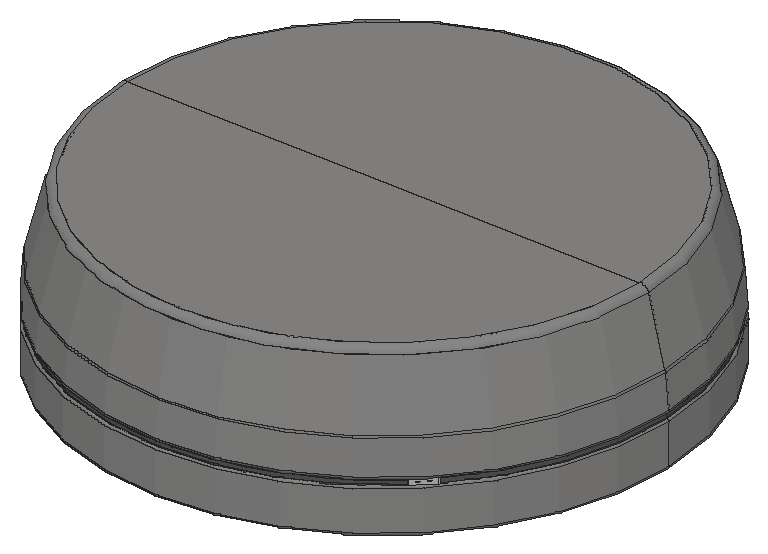
Revit family "Seating-Large_CAL133-Teknion-STBCJ_With_USB_Qui-R2014", category Furniture, Revit 2014
Parameters (values of type "Large With USB")
  Width = 60.000"
  Warranty = "http://www.teknionstudio.com/pdfs/Teknion%20Studio%20Warranty.pdf"
  Voltage = 125 V
  Unit Weight = 255.00 lbf  # constant formula
  URL = "www.teknionstudio.com"
  Top Upholstery Finish [instance] = Fabric - Teknion - F206 - Full Wool - Fantasme
  Thread Finish [instance] = Thread - Teknion - Silver
  Series = "Studio"
  Product Line = "Qui"
  Product Documentation Link = "http://www.teknionstudio.com/pricing/STBCJ_ppg.pdf"
  Power Factor = 1
  Part Number = "STBCJ"
  Number of Poles = 1
  No Casters = no
  Model = "STBCJ5"
  Mid Upholstery Finish [instance] = Fabric - Teknion - F212 - Full Wool - Ink
  Manufacturer Phone = "919-464-2920"
  Manufacturer Fax = "919-464-2927"
  Manufacturer Email = "customersupport@teknionstudio.com"
  Manufacturer Address = "3941 US 70 Business HWY West, Clayton, NC 27520"
  Manufacturer = "StudioTK"  # constant formula
  Low Emitting Material = yes
  Low Emitting Finish = yes
  Height = 17.3001"
  Designation = "CAL 133"  # constant formula
  Description = "Qui Large Ottoman - CAL 133 - Upholstered Mid Panel, w/USB Power - 60\"dia x 18\"h / 152cm x 46cm"
  Depth = 60.000"
  Connector Description = "Power Connector"
  Base Upholstery Finish [instance] = Fabric - Teknion - F206 - Full Wool - Fantasme
  Assembly Code = "E2020200"
  Apparent Load [instance] = 1250 VA
Reference planes (in)
  plane 1 "Center F/B": y = 0
  plane 2: z = 0
  plane 3 "Center L/R": x = 0
  plane 4 "Left": x = -30
  plane 5 "Right": x = 30
  plane 6 "Back": y = 30
  plane 7 "Front": y = -30
  plane 8 "Top": z = 17.3001
  plane 9 "Mid Top": z = 5.99
  plane 10 "Mid Bottom": z = 5.4351
  plane 11 "Casters Top": z = 2.6851
  plane 12 "Bottom": z = 0.75
  plane 13: y = -10.5
  plane 14: through (0, 0, 48) normal (-0.5, 0.866, 0)
  plane 15: through (0, 0, 48) normal (0.5, 0.866, 0)
  plane 16 "Wheel Mid Plane": z = 1.19
  plane 17 "Thread 2": z = 16.6501
  plane 18 "Thread 3": x = -0.325
  plane 19 "Thread 4": x = 0.325
  plane 20: x = -3.725
  plane 21: x = 3.725
  plane 22: z = 5.61
  plane 23: z = 5.81
Forms (in)
  Revolve 1, solid, material "Fabric - Teknion - F206 - Full Wool - Fantasme" <- "Base Upholstery Finish"
    sketch origin (0, 0, 0) x (1, 0, 0) y (0, 0, 1)
      loop
        line (0, 5.4351) -> (-29.75, 5.4351)
        arc (-29.75, 5.4351) -> (-29.92678, 5.36188) -> (-30, 5.1851) r 0.25
        line (-30, 5.1851) -> (-30, 1)
        arc (-30, 1) -> (-29.92678, 0.82322) -> (-29.75, 0.75) r 0.25
        line (-29.75, 0.75) -> (0, 0.75) -> (0, 5.4351)
      axis (0, 5.4351) -> (0, 0.75)
    angle from 0 to 360
  Revolve 2, solid, material "Fabric - Teknion - F212 - Full Wool - Ink" <- "Mid Upholstery Finish"
    sketch origin (0, 0, 0) x (1, 0, 0) y (0, 0, 1)
      loop
        arc (-29.65, 6.0501) -> (-29.72071, 6.02081) -> (-29.75, 5.9501) r 0.1
        line (-29.75, 5.9501) -> (-29.75, 5.47013)
        arc (-29.75, 5.47013) -> (-29.72067, 5.39933) -> (-29.64987, 5.37) r 0.10013
        line (-29.64987, 5.37) -> (0, 5.37) -> (0, 6.0501) -> (-29.65, 6.0501)
      axis (0, 6.0501) -> (0, 5.37)
    angle from 0 to 360
  Revolve 3, solid, material "Fabric - Teknion - F206 - Full Wool - Fantasme" <- "Top Upholstery Finish"
    sketch origin (0, 0, 0) x (1, 0, 0) y (0, 0, 1)
      loop
        line (0, 17.3001) -> (0, 5.99) -> (29.73328, 5.99)
        arc (29.73328, 5.99) -> (29.9176, 6.0711) -> (29.98233, 6.26179) r 0.25
        line (29.98233, 6.26179) -> (29.67651, 9.75731)
        arc (29.67651, 9.75731) -> (29.66114, 9.87407) -> (29.63565, 9.98906) r 1.35
        line (29.63565, 9.98906) -> (27.8554, 16.63304)
        arc (27.8554, 16.63304) -> (27.53395, 17.11412) -> (26.98607, 17.3001) r 0.9
        line (26.98607, 17.3001) -> (0, 17.3001)
      axis (0, 5.99) -> (0, 17.3001)
    angle from 0 to 360
  Revolve 4, solid, material "Plastic - Teknion - E - Ebony"
    sketch origin (0, -16.9, 0) x (0, 1, 0) y (0, 0, 1)
      loop
        line (-10.5, 0) -> (-10.5, 0.75) -> (-11, 0.75) -> (-10.89982, 0) -> (-10.5, 0)
      axis (-10.5, 0) -> (-10.5, 0.75)
    angle from 0 to 360
  Revolve 5, solid, material "Plastic - Teknion - E - Ebony"
    sketch origin (-14.63583, -8.45, 0) x (0.866025, 0.5, 0) y (0, 0, 1)
      loop
        line (-10.5, 0) -> (-10.5, 0.75) -> (-11, 0.75) -> (-10.89982, 0) -> (-10.5, 0)
      axis (-10.5, 0) -> (-10.5, 0.75)
    angle from 0 to 360
  Revolve 6, solid, material "Plastic - Teknion - E - Ebony"
    sketch origin (-14.63583, 8.45, 0) x (0.866025, -0.5, 0) y (0, 0, 1)
      loop
        line (-10.5, 0) -> (-10.5, 0.75) -> (-11, 0.75) -> (-10.89982, 0) -> (-10.5, 0)
      axis (-10.5, 0) -> (-10.5, 0.75)
    angle from 0 to 360
  Revolve 7, solid, material "Plastic - Teknion - E - Ebony"
    sketch origin (0, 16.9, 0) x (0, -1, 0) y (0, 0, 1)
      loop
        line (-10.5, 0) -> (-10.5, 0.75) -> (-11, 0.75) -> (-10.89982, 0) -> (-10.5, 0)
      axis (-10.5, 0) -> (-10.5, 0.75)
    angle from 0 to 360
  Revolve 8, solid, material "Plastic - Teknion - E - Ebony"
    sketch origin (14.63583, 8.45, 0) x (-0.866025, -0.5, 0) y (0, 0, 1)
      loop
        line (-10.5, 0) -> (-10.5, 0.75) -> (-11, 0.75) -> (-10.89982, 0) -> (-10.5, 0)
      axis (-10.5, 0) -> (-10.5, 0.75)
    angle from 0 to 360
  Revolve 9, solid, material "Plastic - Teknion - E - Ebony"
    sketch origin (14.63583, -8.45, 0) x (-0.866025, 0.5, 0) y (0, 0, 1)
      loop
        line (-10.5, 0) -> (-10.5, 0.75) -> (-11, 0.75) -> (-10.89982, 0) -> (-10.5, 0)
      axis (-10.5, 0) -> (-10.5, 0.75)
    angle from 0 to 360
  Sweep 10, void
    path origin (0, 0, 0) x (1, 0, 0) y (0, 0, 1)
      loop
        line (0, 10) -> (0, 0)
    profile origin (0, 0, 5) x (0, -1, 0) y (1, 0, 0)
      loop
        arc (-23.58894, -21.62318) -> (-22.62742, -22.62742) -> (-21.62318, -23.58894) r 32
        line (-21.62318, -23.58894) -> (-15.78212, -17.74788)
        arc (-15.78212, -17.74788) -> (0, -23.75) -> (15.78212, -17.74788) r 23.75
        line (15.78212, -17.74788) -> (21.62318, -23.58894)
        arc (21.62318, -23.58894) -> (22.62742, -22.62742) -> (23.58894, -21.62318) r 32
        line (23.58894, -21.62318) -> (17.74788, -15.78212)
        arc (17.74788, -15.78212) -> (23.75, 0) -> (17.74788, 15.78212) r 23.75
        line (17.74788, 15.78212) -> (23.58894, 21.62318)
        arc (23.58894, 21.62318) -> (22.62742, 22.62742) -> (21.62318, 23.58894) r 32
        line (21.62318, 23.58894) -> (15.78212, 17.74788)
        arc (15.78212, 17.74788) -> (0, 23.75) -> (-15.78212, 17.74788) r 23.75
        line (-15.78212, 17.74788) -> (-21.62318, 23.58894)
        arc (-21.62318, 23.58894) -> (-22.62742, 22.62742) -> (-23.58894, 21.62318) r 32
        line (-23.58894, 21.62318) -> (-17.74788, 15.78212)
        arc (-17.74788, 15.78212) -> (-23.75, 0) -> (-17.74788, -15.78212) r 23.75
        line (-17.74788, -15.78212) -> (-23.58894, -21.62318)
  Sweep 11, solid, material "Metal - Teknion - C9 - Polished Aluminum"
    path origin (0, 0, 0) x (1, 0, 0) y (0, 0, 1)
      loop
        line (0, 6.0501) -> (0, 5.37)
    profile origin (0, 0, 5.71005) x (0, -1, 0) y (1, 0, 0)
      loop
        line (-19.64275, 21.53497) -> (-20.02256, 21.91477)
        arc (-20.02256, 21.91477) -> (-20.09118, 21.94404) -> (-20.16097, 21.91766) r 0.1
        arc (-20.16097, 21.91766) -> (-21.05764, 21.05764) -> (-21.91766, 20.16097) r 29.78
        arc (-21.91766, 20.16097) -> (-21.94404, 20.09118) -> (-21.91477, 20.02256) r 0.1
        line (-21.91477, 20.02256) -> (-21.53497, 19.64275) -> (-21.49042, 19.6873) -> (-21.89743, 20.0943)
        arc (-21.89743, 20.0943) -> (-21.01521, 21.01521) -> (-20.0943, 21.89743) r 29.72
        line (-20.0943, 21.89743) -> (-19.6873, 21.49042) -> (-19.64275, 21.53497)
      loop
        arc (20.16097, 21.91766) -> (20.09118, 21.94404) -> (20.02256, 21.91477) r 0.1
        line (20.02256, 21.91477) -> (19.64275, 21.53497) -> (19.6873, 21.49042) -> (20.0943, 21.89743)
        arc (20.0943, 21.89743) -> (21.01521, 21.01521) -> (21.89743, 20.0943) r 29.72
        line (21.89743, 20.0943) -> (21.49042, 19.6873) -> (21.53497, 19.64275) -> (21.91477, 20.02256)
        arc (21.91477, 20.02256) -> (21.94404, 20.09118) -> (21.91766, 20.16097) r 0.1
        arc (21.91766, 20.16097) -> (21.05764, 21.05764) -> (20.16097, 21.91766) r 29.78
      loop
        line (-21.53497, -19.64275) -> (-21.91477, -20.02256)
        arc (-21.91477, -20.02256) -> (-21.94404, -20.09118) -> (-21.91766, -20.16097) r 0.1
        arc (-21.91766, -20.16097) -> (-21.05764, -21.05764) -> (-20.16097, -21.91766) r 29.78
        arc (-20.16097, -21.91766) -> (-20.09118, -21.94404) -> (-20.02256, -21.91477) r 0.1
        line (-20.02256, -21.91477) -> (-19.64275, -21.53497) -> (-19.6873, -21.49042) -> (-20.0943, -21.89743)
        arc (-20.0943, -21.89743) -> (-21.01521, -21.01521) -> (-21.89743, -20.0943) r 29.72
        line (-21.89743, -20.0943) -> (-21.49042, -19.6873) -> (-21.53497, -19.64275)
      loop
        line (19.64275, -21.53497) -> (20.02269, -21.91491)
        arc (20.02269, -21.91491) -> (20.09118, -21.94412) -> (20.16083, -21.91779) r 0.0998
        arc (20.16083, -21.91779) -> (21.05747, -21.05781) -> (21.91745, -20.16119) r 29.78
        arc (21.91745, -20.16119) -> (21.94392, -20.09118) -> (21.91456, -20.02234) r 0.10032
        line (21.91456, -20.02234) -> (21.53497, -19.64275) -> (21.49042, -19.6873) -> (21.89743, -20.0943)
        arc (21.89743, -20.0943) -> (21.01521, -21.01521) -> (20.0943, -21.89743) r 29.72
        line (20.0943, -21.89743) -> (19.6873, -21.49042) -> (19.64275, -21.53497)
  Sweep 12, void
    path origin (0.325, 0, 0) x (0, 0, 1) y (0, -1, 0)
      loop
        line (5.81, 0) -> (5.61, 0)
    profile origin (0.325, 0, 5.71) x (1, 0, 0) y (0, 1, 0)
      loop
        line (20.37642, 21.71292) -> (-0.325, 1.0115) -> (-21.02642, 21.71292)
        arc (-21.02642, 21.71292) -> (-21.20837, 21.53798) -> (-21.38885, 21.36152) r 30
        line (-21.38885, 21.36152) -> (-0.325, 0.29767) -> (20.73885, 21.36152)
        arc (20.73885, 21.36152) -> (20.55837, 21.53798) -> (20.37642, 21.71292) r 30
      loop
        line (21.03652, 21.06385) -> (-0.02733, 0) -> (21.03652, -21.06385)
        arc (21.03652, -21.06385) -> (21.21298, -20.88337) -> (21.38792, -20.70142) r 30
        line (21.38792, -20.70142) -> (0.6865, 0) -> (21.38792, 20.70142)
        arc (21.38792, 20.70142) -> (21.21298, 20.88337) -> (21.03652, 21.06385) r 30
      loop
        line (20.73885, -21.36152) -> (-0.325, -0.29767) -> (-21.38885, -21.36152)
        arc (-21.38885, -21.36152) -> (-21.20837, -21.53798) -> (-21.02642, -21.71292) r 30
        line (-21.02642, -21.71292) -> (-0.325, -1.0115) -> (20.37642, -21.71292)
        arc (20.37642, -21.71292) -> (20.55837, -21.53798) -> (20.73885, -21.36152) r 30
      loop
        line (-21.68652, -21.06385) -> (-0.62267, 0) -> (-21.68652, 21.06385)
        arc (-21.68652, 21.06385) -> (-21.86298, 20.88337) -> (-22.03792, 20.70142) r 30
        line (-22.03792, 20.70142) -> (-1.3365, 0) -> (-22.03792, -20.70142)
        arc (-22.03792, -20.70142) -> (-21.86298, -20.88337) -> (-21.68652, -21.06385) r 30
Cuts and joins
  Sweep 10 cuts Revolve 2
  Sweep 12 cuts Sweep 11
Lines and regions (in)
  Masking region 1
    outline origin (0, 0, 17.3001) x (-1, 0, 0) y (0, -1, 0)
      loop
        circle (0, 0) r 30
  symbolic lines, detail levels fine
    curve 1: circle (0, 0, 17.3001) r 29.5 normal (0, 0, 1)
  symbolic lines, detail levels medium+fine
    curve 2: circle (0, 0, 17.3001) r 27.85 normal (0, 0, 1)
  symbolic lines
    curve 3: circle (0, 0, 17.3001) r 27.35 normal (0, 0, 1)
  model lines, detail levels medium+fine
    curve 4: arc (0.325, -27.8481, 16.6501) -> (2.0288, -27.77601, 16.6501) -> (3.725, -27.59976, 16.6501) r 27.85
    curve 5: arc (-3.725, -27.59976, 16.6501) -> (-2.0288, -27.77601, 16.6501) -> (-0.325, -27.8481, 16.6501) r 27.85
    curve 7: line (-0.325, -27.85035, 16.6501) -> (-0.325, -29.64438, 9.95469)
    curve 8: line (-0.325, -29.97955, 6.24243) -> (-0.325, -29.69419, 9.50408)
    curve 9: arc (-0.325, -29.64438, 9.95469) -> (-0.325, -29.67065, 9.72953) -> (-0.325, -29.69419, 9.50408) r 18.79624
    curve 10: arc (-0.325, -29.97955, 6.24243) -> (-0.325, -29.90562, 6.06393) -> (-0.325, -29.72712, 5.99) r 0.25243
    curve 11: line (-0.325, -30, 5.19389) -> (-0.325, -30, 1.00401)
    curve 12: arc (-0.325, -30, 1.00401) -> (-0.325, -29.9256, 0.8244) -> (-0.325, -29.74599, 0.75) r 0.25401
    curve 13: arc (-0.325, -30, 5.19389) -> (-0.325, -29.93367, 5.36175) -> (-0.325, -29.76808, 5.43354) r 0.23582
    curve 14: line (0.325, -27.85035, 16.6501) -> (0.325, -29.64438, 9.95469)
    curve 15: line (0.325, -29.97955, 6.24243) -> (0.325, -29.69419, 9.50408)
    curve 16: arc (0.325, -29.64438, 9.95469) -> (0.325, -29.67065, 9.72953) -> (0.325, -29.69419, 9.50408) r 18.79624
    curve 17: arc (0.325, -29.97955, 6.24243) -> (0.325, -29.90562, 6.06393) -> (0.325, -29.72712, 5.99) r 0.25243
    curve 18: line (0.325, -30, 5.19389) -> (0.325, -30, 1.00401)
    curve 19: arc (0.325, -30, 1.00401) -> (0.325, -29.9256, 0.8244) -> (0.325, -29.74599, 0.75) r 0.25401
    curve 20: arc (0.325, -30, 5.19389) -> (0.325, -29.93367, 5.36175) -> (0.325, -29.76808, 5.43354) r 0.23582
  model lines, detail levels fine
    curve 6: arc (-3.725, -27.09514, 17.3001) -> (0, -27.35, 17.3001) -> (3.725, -27.09514, 17.3001) r 27.35
Dimensions and locks (in)
  "Height": plane 8 "Top" to level
  equal spacing: plane 4 "Left", plane 3 "Center L/R", plane 5 "Right"
  "Width": plane 4 "Left" to plane 5 "Right"
  equal spacing: plane 6 "Back", plane 1 "Center F/B", plane 7 "Front"
  "Depth": plane 6 "Back" to plane 7 "Front"
  locked: plane 3 "Center L/R" to Revolve 2 sketch curve at 29.75
  locked: plane 16 "Wheel Mid Plane" to plane 2 at 1.19
  plane 19 "Thread 4" to plane 3 "Center L/R" to plane 18 "Thread 3" = 0.325", 0.325"
  locked: plane 19 "Thread 4" to plane 18 "Thread 3" at 0.65
  Revolve 2 sketch curve to Revolve 2 sketch curve to Revolve 2 sketch curve to Revolve 2 sketch curve to plane 2 = 0.100" locked, 0.47997" locked, 0.10013" locked, 5.370" locked
  equal spacing: plane 20, plane 3 "Center L/R", plane 21
  locked: plane 20 to plane 21 at 7.45
  locked: Sweep 10 sketch curve to Sweep 10 sketch curve at 2.78  (x2)
  locked: Sweep 10 sketch curve to plane 2 at 10
  Sweep 11 sketch curve to Sweep 11 sketch curve to plane 2 = 0.6801" locked, 5.370" locked
  Sweep 11 sketch curve to Sweep 11 sketch curve to Sweep 11 sketch curve = 29.11704" locked, 29.11704" locked  (x2)
  Sweep 11 sketch curve to Sweep 11 sketch curve to Sweep 11 sketch curve to Sweep 11 sketch curve = 0.063" locked, 2.550" locked, 0.063" locked  (x2)
  plane 23 to plane 22 to plane 2 = 0.200" locked, 5.610" locked
  Sweep 12 sketch curve to Sweep 12 sketch curve to Sweep 12 sketch curve to Sweep 12 sketch curve = 0.50476" locked, 0.42097" locked, 0.50476" locked  (x2)
  plane 20 to plane 3 "Center L/R" to plane 21 = 3.725" locked, 3.725" locked
  locked: plane 13 to plane 7 "Front" at 19.5
  plane 11 "Casters Top" to plane 12 "Bottom" to level = 1.9351" locked, 0.750" locked
  locked: plane 8 "Top" to plane 17 "Thread 2" at 0.65
  radius of curve 1 = 29.500"
  radius of curve 2 = 27.850"
  radius of curve 3 = 27.350"
  radius of curve 13 = 0.23582"
  radius of curve 10 = 0.25243"
  radius of curve 12 = 0.25401"
  radius of curve 6 = 27.350"
  radius of curve 4 = 27.850"
  radius of Masking region 1 sketch curve = 30.000"
  radius of Sweep 10 sketch curve = 23.750"
  radius of Sweep 10 sketch curve = 32.000"
  radius of Sweep 11 sketch curve = 29.780"  (x2)
  radius of Sweep 11 sketch curve = 29.720"
  locked: plane 5 "Right" to Revolve 3 sketch curve (angle 15.00°)
  locked: plane 5 "Right" to Revolve 3 sketch curve (angle 5.00°)
  locked: curve 5 to curve 5 (angle 7.01784°)
  locked: curve 4 to curve 4 (angle 7.01784°)
  angle plane 7 "Front" to curve 7 = 15.00°
  locked: plane 7 "Front" to curve 8 (angle 5.00°)
  angle Sweep 10 sketch curve to plane 1 "Center F/B" to Sweep 10 sketch curve = 45.00° locked, 45.00° locked  (x2)
  angle Sweep 11 sketch curve to plane 1 "Center F/B" to Sweep 11 sketch curve = 45.00° locked, 45.00° locked
  angle Sweep 12 sketch curve to plane 1 "Center F/B" to Sweep 12 sketch curve = 45.00° locked, 45.00° locked
  aligned and locked: level to plane 2
  aligned and locked: plane 8 "Top" to Revolve 1 sketch curve
  aligned and locked: plane 2 to Revolve 1 sketch curve
  aligned and locked: Revolve 1 sketch curve to plane 3 "Center L/R"  (x2)
  aligned and locked: Revolve 1 sketch curve to plane 4 "Left"
  aligned and locked: Revolve 1 sketch curve to plane 12 "Bottom"
  aligned and locked: plane 10 "Mid Bottom" to Revolve 1 sketch curve
  aligned and locked: plane 8 "Top" to Revolve 2 sketch curve
  aligned and locked: plane 2 to Revolve 2 sketch curve
  aligned and locked: Revolve 2 sketch curve to plane 3 "Center L/R"  (x2)
  aligned and locked: plane 8 "Top" to Revolve 3 sketch curve
  aligned and locked: plane 2 to Revolve 3 sketch curve
  aligned and locked: plane 3 "Center L/R" to Revolve 3 sketch curve
  aligned and locked: Revolve 3 sketch curve to plane 8 "Top"
  aligned and locked: Revolve 3 sketch curve to plane 9 "Mid Top"
  aligned and locked: Revolve 3 sketch curve to plane 3 "Center L/R"
  aligned and locked: curve 4 to curve 5
  aligned and locked: curve 7 to curve 14
  aligned and locked: curve 16 to curve 9
  aligned and locked: curve 15 to curve 8
  aligned and locked: curve 17 to curve 10
  aligned and locked: curve 20 to curve 13
  aligned and locked: curve 18 to curve 11
  aligned and locked: curve 19 to curve 12
  aligned and locked: curve 7 to curve 4
  aligned and locked: plane 3 "Center L/R" to Masking region 1 sketch curve
  aligned and locked: plane 1 "Center F/B" to Masking region 1 sketch curve
  aligned and locked: plane 1 "Center F/B" to curve 2
  aligned and locked: plane 3 "Center L/R" to curve 2
  aligned and locked: plane 20 to curve 6
  aligned and locked: plane 21 to curve 6
  aligned and locked: curve 4 to curve 14
  aligned and locked: plane 21 to curve 4
  aligned and locked: curve 5 to curve 7
  aligned and locked: plane 2 to Sweep 10 sketch curve
  aligned and locked: Sweep 10 sketch curve to plane 3 "Center L/R"
  aligned and locked: Sweep 10 sketch curve to Sweep 10 sketch curve  (x10)
  aligned and locked: plane 1 "Center F/B" to Sweep 10 sketch curve  (x2)
  aligned and locked: plane 3 "Center L/R" to Sweep 10 sketch curve  (x2)
  aligned and locked: Sweep 11 sketch curve to plane 3 "Center L/R"
  aligned and locked: plane 3 "Center L/R" to Sweep 11 sketch curve  (x2)
  aligned and locked: plane 1 "Center F/B" to Sweep 11 sketch curve  (x2)
  aligned and locked: Sweep 11 sketch curve to Sweep 11 sketch curve  (x18)
  aligned and locked: plane 22 to Sweep 12 sketch curve
  aligned and locked: plane 23 to Sweep 12 sketch curve
  aligned and locked: Sweep 12 sketch curve to plane 1 "Center F/B"
  aligned and locked: Sweep 12 sketch curve to Sweep 12 sketch curve  (x8)
  aligned and locked: plane 1 "Center F/B" to curve 1
  aligned and locked: plane 3 "Center L/R" to curve 1
  aligned and locked: plane 1 "Center F/B" to curve 3
  aligned and locked: plane 3 "Center L/R" to curve 3
Automatic sketch dimensions
  plane 4 "Left" to Revolve 1 sketch curve = 0.250"
  plane 12 "Bottom" to Revolve 1 sketch curve = 0.250"
  Revolve 3 sketch curve to plane 5 "Right" = 0.01767"
  plane 9 "Mid Top" to Revolve 3 sketch curve = 0.27179"
  Revolve 3 sketch curve to plane 8 "Top" = 0.66706"
  Revolve 3 sketch curve to Revolve 3 sketch curve = 0.86933"
  Revolve 3 sketch curve to plane 5 "Right" = 0.36435"
  Revolve 3 sketch curve to Revolve 3 sketch curve = 0.04086"
  Revolve 3 sketch curve to plane 5 "Right" = 0.26672"
  Revolve 3 sketch curve to Revolve 3 sketch curve = 1.34486"
  Revolve 3 sketch curve to Revolve 3 sketch curve = 0.23175"
  Revolve 4 sketch curve to Revolve 4 sketch curve = 0.10018"
  Revolve 4 sketch curve to Revolve 4 sketch curve = 0.39982"
  Revolve 4 sketch curve to Revolve 4 sketch curve = 0.000"  (x2)
  Revolve 4 sketch curve to Revolve 4 sketch curve = 0.750"
  Revolve 4 sketch curve to Revolve 4 sketch curve = 16.5501"
  Revolve 5 sketch curve to Revolve 5 sketch curve = 0.10018"
  Revolve 5 sketch curve to Revolve 5 sketch curve = 0.39982"
  Revolve 5 sketch curve to Revolve 5 sketch curve = 0.000"  (x2)
  Revolve 5 sketch curve to Revolve 5 sketch curve = 0.750"
  Revolve 5 sketch curve to Revolve 5 sketch curve = 16.5501"
  Revolve 6 sketch curve to Revolve 6 sketch curve = 0.10018"
  Revolve 6 sketch curve to Revolve 6 sketch curve = 0.39982"
  Revolve 6 sketch curve to Revolve 6 sketch curve = 0.000"  (x2)
  Revolve 6 sketch curve to Revolve 6 sketch curve = 0.750"
  Revolve 6 sketch curve to Revolve 6 sketch curve = 16.5501"
  Revolve 7 sketch curve to Revolve 7 sketch curve = 0.10018"
  Revolve 7 sketch curve to Revolve 7 sketch curve = 0.39982"
  Revolve 7 sketch curve to Revolve 7 sketch curve = 0.000"  (x2)
  Revolve 7 sketch curve to Revolve 7 sketch curve = 0.750"
  Revolve 7 sketch curve to Revolve 7 sketch curve = 16.5501"
  Revolve 8 sketch curve to Revolve 8 sketch curve = 0.10018"
  Revolve 8 sketch curve to Revolve 8 sketch curve = 0.39982"
  Revolve 8 sketch curve to Revolve 8 sketch curve = 0.000"  (x2)
  Revolve 8 sketch curve to Revolve 8 sketch curve = 0.750"
  Revolve 8 sketch curve to Revolve 8 sketch curve = 16.5501"
  Revolve 9 sketch curve to Revolve 9 sketch curve = 0.10018"
  Revolve 9 sketch curve to Revolve 9 sketch curve = 0.39982"
  Revolve 9 sketch curve to Revolve 9 sketch curve = 0.000"  (x2)
  Revolve 9 sketch curve to Revolve 9 sketch curve = 0.750"
  Revolve 9 sketch curve to Revolve 9 sketch curve = 16.5501"
  curve 13 to plane 10 "Mid Bottom" = 0.00156"
  curve 18 to plane 7 "Front" = 0.000"
  curve 18 to plane 16 "Wheel Mid Plane" = 0.18599"
  curve 14 to plane 7 "Front" = 0.35562"
  curve 19 to plane 12 "Bottom" = 0.000"
  curve 17 to plane 9 "Mid Top" = 0.000"
  curve 14 to plane 17 "Thread 2" = 0.000"
  curve 18 to plane 10 "Mid Bottom" = 0.24121"
  curve 15 to plane 7 "Front" = 0.02045"
  plane 9 "Mid Top" to curve 15 = 0.25243"
  curve 15 to plane 7 "Front" = 0.30581"
  curve 17 to curve 15 = 3.26165"
  curve 16 to curve 14 = 0.45061"
  curve 18 to curve 20 = 0.00386"
  curve 20 to plane 10 "Mid Bottom" = 0.00156"
  curve 16 to plane 13 = 0.48821"
  curve 14 to plane 7 "Front" = 2.14965"
  curve 20 to curve 18 = 0.23579"
  plane 1 "Center F/B" to curve 5 = 0.000"
  Sweep 10 sketch curve to Sweep 10 sketch curve = 1.96576"
  Sweep 10 sketch curve to Sweep 10 sketch curve = 0.000"
  Sweep 11 sketch curve to Sweep 11 sketch curve = 0.37981"  (x2)
  Sweep 11 sketch curve to Sweep 11 sketch curve = 0.07175"  (x3)
  Sweep 11 sketch curve to Sweep 11 sketch curve = 0.07162"
  Sweep 11 sketch curve to Sweep 11 sketch curve = 0.01713"
  Sweep 11 sketch curve to Sweep 11 sketch curve = 0.01735"
  Sweep 11 sketch curve to Sweep 11 sketch curve = 0.02023"  (x3)
  Sweep 11 sketch curve to Sweep 11 sketch curve = 0.000"  (x5)
  Sweep 11 sketch curve to Sweep 11 sketch curve = 0.05336"  (x3)
  Sweep 11 sketch curve to Sweep 11 sketch curve = 0.00104"  (x4)
  Sweep 11 sketch curve to Sweep 11 sketch curve = 0.06652"
  Sweep 11 sketch curve to Sweep 11 sketch curve = 0.0538"
  Sweep 11 sketch curve to Sweep 11 sketch curve = 0.02003"
  Sweep 12 sketch curve to Sweep 12 sketch curve = 0.000"  (x14)
  profile plane to Sweep 12 sketch curve = 0.000"  (x2)
  Sweep 12 sketch curve to Sweep 12 sketch curve = 0.35141"  (x4)
  Sweep 12 sketch curve to Sweep 12 sketch curve = 0.29767"  (x4)
  Sweep 12 sketch curve to plane 19 "Thread 4" = 0.325"  (x2)
  curve 1 to curve 6 = 0.000"  (x2)
Connectors (in)
  electrical at (0, 0, 0.75), driven by "Number of Poles", driven by "Voltage", driven by "Apparent Load", driven by "Power Factor", driven by "Apparent Load", driven by "Connector Description"
    settings: index 1, voltage 125 V, apparent load 1250 VA, apparent load phase1 1250 VA, apparent load phase2 0 VA, apparent load phase3 0 VA, power factor 1, load classification "Power", number of poles 1, system type 30, power factor state 1, is connector primary yes, connector utility no, sub classification motor no, connector description "Power Connector"
